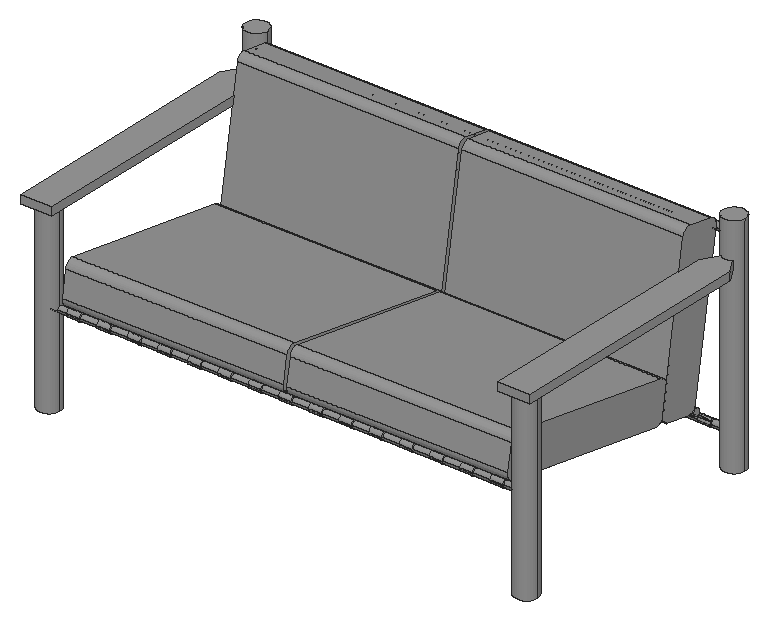
Revit family "13273 Диван «Eco lounge» Хоббика", category Антураж, Revit 2018
Family settings
  На основе рабочей плоскости = Нет
  Всегда вертикально = Да
  При загрузке вырезать с полостями = Нет
  Источник визуального образа = Геометрия семейства
  Общий = Нет
  Точка расчета площади = Нет
Parameters (values of type "Версия лиственница")
  Ширина = 900 mm  # constant formula
  Цвет подушек = Подушка
  Цвет отделки = Ангарская сосна
  Описание = if(Версия ангарская сосна, "Диван «Eco lounge». Версия ангарская сосна", "Диван «Eco lounge». Версия лиственница")  # "Диван «Eco lounge». Версия лиственница"
  Материал изделия = "Дерево"  # constant formula
  Изображение типоразмера = Диван «Eco lounge» Арт 13273.jpg
  Изготовитель = "ООО «Хоббика»"  # constant formula
  Длина = 1600 mm  # constant formula
  Группа модели = "Мебель для дома и террас"  # constant formula
  Высота = 710 mm  # constant formula
  Версия лиственница = not(Версия ангарская сосна)  # yes
  Версия ангарская сосна = no
  Артикул товара = "Арт 13273"  # constant formula
  URL = "https://hobbyka.ru/product/divan_eco_lounge"
Reference planes
  plane 1 "По центру (Вперед/Назад)": y = 0
  plane 2: z = 0
  plane 3 "По центру (Влево/Вправо)": x = 0
  plane 4: x = 1600
  plane 5: y = 900
  plane 6: z = 710
Forms (mm)
  Extrusion 1, solid, material "Ангарская сосна" <- "Цвет отделки"
    sketch origin (0, 0, 0) x (1, 0, 0) y (0, 1, 0)
      loop
        line (28.868, 835) -> (0, 785) -> (0, 0) -> (100, 0) -> (100, 785) -> (71.132, 835) -> (28.868, 835)
      loop
        line (1600, 0) -> (1600, 785) -> (1571.132, 835) -> (1528.868, 835) -> (1500, 785) -> (1500, 0) -> (1600, 0)
    from 575 to 600
  Extrusion 2, solid, material "Ангарская сосна" <- "Цвет отделки"
    sketch origin (0, 0, 0) x (1, 0, 0) y (0, 1, 0)
      loop
        circle (50, 865) r 35
      loop
        circle (1550, 865) r 35
    from 0 to 710
  Extrusion 3, solid, material "Ангарская сосна" <- "Цвет отделки"
    sketch origin (0, -815, 0) x (1, 0, 0) y (0, 1, 0)
      loop
        circle (50, 865) r 35
      loop
        circle (1550, 865) r 35
    from 0 to 575
  Extrusion 4, solid, material "Ангарская сосна" <- "Цвет отделки"
    sketch origin (0, 0, 0) x (0, 1, 0) y (0, 0, 1)
      loop
        circle (50, 287.5) r 10
      loop
        circle (865, 100) r 10
      loop
        circle (865, 660) r 10
    from 50 to 1550
  Extrusion 5, solid, material "Ангарская сосна" <- "Цвет отделки"
    sketch origin (0, 0, 0) x (0, 1, 0) y (0, 0, 1)
      loop
        circle (780.781, 172.368) r 10
    from 100 to 1500
  Extrusion 6, solid, material "Ткань дл якаркаса"
    sketch origin (0, 0, 0) x (0, 1, 0) y (0, 0, 1)
      loop
        circle (780.781, 172.368) r 10
      loop
        circle (865, 100) r 10
      loop
        circle (50, 287.5) r 10
      loop
        circle (865, 660) r 10
      loop
        arc (863.621, 649.08) -> (872.187, 651.81) -> (875.858, 660.016) r 11.005
        arc (875.858, 660.016) -> (864.939, 670.936) -> (854.019, 660.016) r 10.92
        arc (854.019, 660.016) -> (856.484, 653.06) -> (862.778, 649.208) r 11.047
        line (862.778, 649.208) -> (782.152, 183.23)
        arc (782.152, 183.23) -> (774.401, 181.273) -> (770.05, 174.565) r 10.94
        line (770.05, 174.565) -> (60.933, 286.284)
        arc (60.933, 286.284) -> (50.609, 298.483) -> (39, 287.5) r 11
        arc (39, 287.5) -> (48.892, 276.556) -> (60.777, 285.296) r 11
        line (60.777, 285.296) -> (769.895, 173.577)
        arc (769.895, 173.577) -> (776.253, 162.379) -> (788.88, 164.902) r 10.992
        line (788.88, 164.902) -> (856.34, 106.782)
        arc (856.34, 106.782) -> (861.413, 89.601) -> (876, 100) r 11
        arc (876, 100) -> (869.056, 110.225) -> (856.991, 107.541) r 11
        line (856.991, 107.541) -> (789.447, 165.58)
        arc (789.447, 165.58) -> (791.153, 168.761) -> (791.743, 172.322) r 11.046
        arc (791.743, 172.322) -> (789.325, 179.203) -> (783.134, 183.058) r 11
        line (783.134, 183.058) -> (863.621, 649.08)
    from 115 to 155
  Extrusion 7, solid, material "Ткань дл якаркаса"
    sketch origin (0, 0, 0) x (0, 1, 0) y (0, 0, 1)
      loop
        circle (780.781, 172.368) r 10
      loop
        circle (865, 100) r 10
      loop
        circle (50, 287.5) r 10
      loop
        circle (865, 660) r 10
      loop
        arc (863.621, 649.08) -> (872.187, 651.81) -> (875.858, 660.016) r 11.005
        arc (875.858, 660.016) -> (864.939, 670.936) -> (854.019, 660.016) r 10.92
        arc (854.019, 660.016) -> (856.484, 653.06) -> (862.778, 649.208) r 11.047
        line (862.778, 649.208) -> (782.152, 183.23)
        arc (782.152, 183.23) -> (774.401, 181.273) -> (770.05, 174.565) r 10.94
        line (770.05, 174.565) -> (60.933, 286.284)
        arc (60.933, 286.284) -> (50.609, 298.483) -> (39, 287.5) r 11
        arc (39, 287.5) -> (48.892, 276.556) -> (60.777, 285.296) r 11
        line (60.777, 285.296) -> (769.895, 173.577)
        arc (769.895, 173.577) -> (776.253, 162.379) -> (788.88, 164.902) r 10.992
        line (788.88, 164.902) -> (856.34, 106.782)
        arc (856.34, 106.782) -> (861.413, 89.601) -> (876, 100) r 11
        arc (876, 100) -> (869.056, 110.225) -> (856.991, 107.541) r 11
        line (856.991, 107.541) -> (789.447, 165.58)
        arc (789.447, 165.58) -> (791.153, 168.761) -> (791.743, 172.322) r 11.046
        arc (791.743, 172.322) -> (789.325, 179.203) -> (783.134, 183.058) r 11
        line (783.134, 183.058) -> (863.621, 649.08)
    from 210 to 250
  Extrusion 8, solid, material "Ткань дл якаркаса"
    sketch origin (0, 0, 0) x (0, 1, 0) y (0, 0, 1)
      loop
        circle (780.781, 172.368) r 10
      loop
        circle (865, 100) r 10
      loop
        circle (50, 287.5) r 10
      loop
        circle (865, 660) r 10
      loop
        arc (863.621, 649.08) -> (872.187, 651.81) -> (875.858, 660.016) r 11.005
        arc (875.858, 660.016) -> (864.939, 670.936) -> (854.019, 660.016) r 10.92
        arc (854.019, 660.016) -> (856.484, 653.06) -> (862.778, 649.208) r 11.047
        line (862.778, 649.208) -> (782.152, 183.23)
        arc (782.152, 183.23) -> (774.401, 181.273) -> (770.05, 174.565) r 10.94
        line (770.05, 174.565) -> (60.933, 286.284)
        arc (60.933, 286.284) -> (50.609, 298.483) -> (39, 287.5) r 11
        arc (39, 287.5) -> (48.892, 276.556) -> (60.777, 285.296) r 11
        line (60.777, 285.296) -> (769.895, 173.577)
        arc (769.895, 173.577) -> (776.253, 162.379) -> (788.88, 164.902) r 10.992
        line (788.88, 164.902) -> (856.34, 106.782)
        arc (856.34, 106.782) -> (861.413, 89.601) -> (876, 100) r 11
        arc (876, 100) -> (869.056, 110.225) -> (856.991, 107.541) r 11
        line (856.991, 107.541) -> (789.447, 165.58)
        arc (789.447, 165.58) -> (791.153, 168.761) -> (791.743, 172.322) r 11.046
        arc (791.743, 172.322) -> (789.325, 179.203) -> (783.134, 183.058) r 11
        line (783.134, 183.058) -> (863.621, 649.08)
    from 305 to 345
  Extrusion 9, solid, material "Ткань дл якаркаса"
    sketch origin (0, 0, 0) x (0, 1, 0) y (0, 0, 1)
      loop
        circle (780.781, 172.368) r 10
      loop
        circle (865, 100) r 10
      loop
        circle (50, 287.5) r 10
      loop
        circle (865, 660) r 10
      loop
        arc (863.621, 649.08) -> (872.187, 651.81) -> (875.858, 660.016) r 11.005
        arc (875.858, 660.016) -> (864.939, 670.936) -> (854.019, 660.016) r 10.92
        arc (854.019, 660.016) -> (856.484, 653.06) -> (862.778, 649.208) r 11.047
        line (862.778, 649.208) -> (782.152, 183.23)
        arc (782.152, 183.23) -> (774.401, 181.273) -> (770.05, 174.565) r 10.94
        line (770.05, 174.565) -> (60.933, 286.284)
        arc (60.933, 286.284) -> (50.609, 298.483) -> (39, 287.5) r 11
        arc (39, 287.5) -> (48.892, 276.556) -> (60.777, 285.296) r 11
        line (60.777, 285.296) -> (769.895, 173.577)
        arc (769.895, 173.577) -> (776.253, 162.379) -> (788.88, 164.902) r 10.992
        line (788.88, 164.902) -> (856.34, 106.782)
        arc (856.34, 106.782) -> (861.413, 89.601) -> (876, 100) r 11
        arc (876, 100) -> (869.056, 110.225) -> (856.991, 107.541) r 11
        line (856.991, 107.541) -> (789.447, 165.58)
        arc (789.447, 165.58) -> (791.153, 168.761) -> (791.743, 172.322) r 11.046
        arc (791.743, 172.322) -> (789.325, 179.203) -> (783.134, 183.058) r 11
        line (783.134, 183.058) -> (863.621, 649.08)
    from 400 to 440
  Extrusion 10, solid, material "Ткань дл якаркаса"
    sketch origin (0, 0, 0) x (0, 1, 0) y (0, 0, 1)
      loop
        circle (780.781, 172.368) r 10
      loop
        circle (865, 100) r 10
      loop
        circle (50, 287.5) r 10
      loop
        circle (865, 660) r 10
      loop
        arc (863.621, 649.08) -> (872.187, 651.81) -> (875.858, 660.016) r 11.005
        arc (875.858, 660.016) -> (864.939, 670.936) -> (854.019, 660.016) r 10.92
        arc (854.019, 660.016) -> (856.484, 653.06) -> (862.778, 649.208) r 11.047
        line (862.778, 649.208) -> (782.152, 183.23)
        arc (782.152, 183.23) -> (774.401, 181.273) -> (770.05, 174.565) r 10.94
        line (770.05, 174.565) -> (60.933, 286.284)
        arc (60.933, 286.284) -> (50.609, 298.483) -> (39, 287.5) r 11
        arc (39, 287.5) -> (48.892, 276.556) -> (60.777, 285.296) r 11
        line (60.777, 285.296) -> (769.895, 173.577)
        arc (769.895, 173.577) -> (776.253, 162.379) -> (788.88, 164.902) r 10.992
        line (788.88, 164.902) -> (856.34, 106.782)
        arc (856.34, 106.782) -> (861.413, 89.601) -> (876, 100) r 11
        arc (876, 100) -> (869.056, 110.225) -> (856.991, 107.541) r 11
        line (856.991, 107.541) -> (789.447, 165.58)
        arc (789.447, 165.58) -> (791.153, 168.761) -> (791.743, 172.322) r 11.046
        arc (791.743, 172.322) -> (789.325, 179.203) -> (783.134, 183.058) r 11
        line (783.134, 183.058) -> (863.621, 649.08)
    from 495 to 535
  Extrusion 11, solid, material "Ткань дл якаркаса"
    sketch origin (0, 0, 0) x (0, 1, 0) y (0, 0, 1)
      loop
        circle (780.781, 172.368) r 10
      loop
        circle (865, 100) r 10
      loop
        circle (50, 287.5) r 10
      loop
        circle (865, 660) r 10
      loop
        arc (863.621, 649.08) -> (872.187, 651.81) -> (875.858, 660.016) r 11.005
        arc (875.858, 660.016) -> (864.939, 670.936) -> (854.019, 660.016) r 10.92
        arc (854.019, 660.016) -> (856.484, 653.06) -> (862.778, 649.208) r 11.047
        line (862.778, 649.208) -> (782.152, 183.23)
        arc (782.152, 183.23) -> (774.401, 181.273) -> (770.05, 174.565) r 10.94
        line (770.05, 174.565) -> (60.933, 286.284)
        arc (60.933, 286.284) -> (50.609, 298.483) -> (39, 287.5) r 11
        arc (39, 287.5) -> (48.892, 276.556) -> (60.777, 285.296) r 11
        line (60.777, 285.296) -> (769.895, 173.577)
        arc (769.895, 173.577) -> (776.253, 162.379) -> (788.88, 164.902) r 10.992
        line (788.88, 164.902) -> (856.34, 106.782)
        arc (856.34, 106.782) -> (861.413, 89.601) -> (876, 100) r 11
        arc (876, 100) -> (869.056, 110.225) -> (856.991, 107.541) r 11
        line (856.991, 107.541) -> (789.447, 165.58)
        arc (789.447, 165.58) -> (791.153, 168.761) -> (791.743, 172.322) r 11.046
        arc (791.743, 172.322) -> (789.325, 179.203) -> (783.134, 183.058) r 11
        line (783.134, 183.058) -> (863.621, 649.08)
    from 590 to 630
  Extrusion 12, solid, material "Ткань дл якаркаса"
    sketch origin (0, 0, 0) x (0, 1, 0) y (0, 0, 1)
      loop
        circle (780.781, 172.368) r 10
      loop
        circle (865, 100) r 10
      loop
        circle (50, 287.5) r 10
      loop
        circle (865, 660) r 10
      loop
        arc (863.621, 649.08) -> (872.187, 651.81) -> (875.858, 660.016) r 11.005
        arc (875.858, 660.016) -> (864.939, 670.936) -> (854.019, 660.016) r 10.92
        arc (854.019, 660.016) -> (856.484, 653.06) -> (862.778, 649.208) r 11.047
        line (862.778, 649.208) -> (782.152, 183.23)
        arc (782.152, 183.23) -> (774.401, 181.273) -> (770.05, 174.565) r 10.94
        line (770.05, 174.565) -> (60.933, 286.284)
        arc (60.933, 286.284) -> (50.609, 298.483) -> (39, 287.5) r 11
        arc (39, 287.5) -> (48.892, 276.556) -> (60.777, 285.296) r 11
        line (60.777, 285.296) -> (769.895, 173.577)
        arc (769.895, 173.577) -> (776.253, 162.379) -> (788.88, 164.902) r 10.992
        line (788.88, 164.902) -> (856.34, 106.782)
        arc (856.34, 106.782) -> (861.413, 89.601) -> (876, 100) r 11
        arc (876, 100) -> (869.056, 110.225) -> (856.991, 107.541) r 11
        line (856.991, 107.541) -> (789.447, 165.58)
        arc (789.447, 165.58) -> (791.153, 168.761) -> (791.743, 172.322) r 11.046
        arc (791.743, 172.322) -> (789.325, 179.203) -> (783.134, 183.058) r 11
        line (783.134, 183.058) -> (863.621, 649.08)
    from 685 to 725
  Extrusion 13, solid, material "Ткань дл якаркаса"
    sketch origin (0, 0, 0) x (0, 1, 0) y (0, 0, 1)
      loop
        circle (780.781, 172.368) r 10
      loop
        circle (865, 100) r 10
      loop
        circle (50, 287.5) r 10
      loop
        circle (865, 660) r 10
      loop
        arc (863.621, 649.08) -> (872.187, 651.81) -> (875.858, 660.016) r 11.005
        arc (875.858, 660.016) -> (864.939, 670.936) -> (854.019, 660.016) r 10.92
        arc (854.019, 660.016) -> (856.484, 653.06) -> (862.778, 649.208) r 11.047
        line (862.778, 649.208) -> (782.152, 183.23)
        arc (782.152, 183.23) -> (774.401, 181.273) -> (770.05, 174.565) r 10.94
        line (770.05, 174.565) -> (60.933, 286.284)
        arc (60.933, 286.284) -> (50.609, 298.483) -> (39, 287.5) r 11
        arc (39, 287.5) -> (48.892, 276.556) -> (60.777, 285.296) r 11
        line (60.777, 285.296) -> (769.895, 173.577)
        arc (769.895, 173.577) -> (776.253, 162.379) -> (788.88, 164.902) r 10.992
        line (788.88, 164.902) -> (856.34, 106.782)
        arc (856.34, 106.782) -> (861.413, 89.601) -> (876, 100) r 11
        arc (876, 100) -> (869.056, 110.225) -> (856.991, 107.541) r 11
        line (856.991, 107.541) -> (789.447, 165.58)
        arc (789.447, 165.58) -> (791.153, 168.761) -> (791.743, 172.322) r 11.046
        arc (791.743, 172.322) -> (789.325, 179.203) -> (783.134, 183.058) r 11
        line (783.134, 183.058) -> (863.621, 649.08)
    from 780 to 820
  Extrusion 14, solid, material "Подушка" <- "Цвет подушек"
    sketch origin (0, -60.914, 59.335) x (0, 0.999983, 0.005795) y (0, -0.005795, 0.999983)
      loop
        arc (919.849, 601.884) -> (915.756, 620.575) -> (899.644, 630.897) r 25
        line (899.644, 630.897) -> (820.895, 644.989)
        arc (820.895, 644.989) -> (802.204, 640.895) -> (791.882, 624.783) r 25
        line (791.882, 624.783) -> (708.212, 157.211)
        arc (708.212, 157.211) -> (712.306, 138.52) -> (728.417, 128.198) r 25
        line (728.417, 128.198) -> (807.166, 114.106)
        arc (807.166, 114.106) -> (825.857, 118.2) -> (836.179, 134.311) r 25
        line (836.179, 134.311) -> (919.849, 601.884)
    from 100 to 795
  Extrusion 15, solid, material "Подушка" <- "Цвет подушек"
    sketch origin (0, 779.41, -506.335) x (0, -0.006483, 0.999979) y (0, -0.999979, -0.006483)
      loop
        arc (935.703, 690.477) -> (931.609, 709.168) -> (915.497, 719.49) r 25
        line (915.497, 719.49) -> (836.748, 733.582)
        arc (836.748, 733.582) -> (818.057, 729.488) -> (807.736, 713.376) r 25
        line (807.736, 713.376) -> (708.212, 157.211)
        arc (708.212, 157.211) -> (712.306, 138.52) -> (728.417, 128.198) r 25
        line (728.417, 128.198) -> (807.166, 114.106)
        arc (807.166, 114.106) -> (825.857, 118.2) -> (836.179, 134.311) r 25
        line (836.179, 134.311) -> (935.703, 690.477)
    from 100 to 795
  Extrusion 16, solid, material "Подушка" <- "Цвет подушек"
    sketch origin (0, -60.914, 59.335) x (0, 0.999983, 0.005795) y (0, -0.005795, 0.999983)
      loop
        arc (919.849, 601.884) -> (915.756, 620.575) -> (899.644, 630.897) r 25
        line (899.644, 630.897) -> (820.895, 644.989)
        arc (820.895, 644.989) -> (802.204, 640.895) -> (791.882, 624.783) r 25
        line (791.882, 624.783) -> (708.212, 157.211)
        arc (708.212, 157.211) -> (712.306, 138.52) -> (728.417, 128.198) r 25
        line (728.417, 128.198) -> (807.166, 114.106)
        arc (807.166, 114.106) -> (825.857, 118.2) -> (836.179, 134.311) r 25
        line (836.179, 134.311) -> (919.849, 601.884)
    from 805 to 1500
  Extrusion 17, solid, material "Подушка" <- "Цвет подушек"
    sketch origin (0, 779.41, -506.335) x (0, -0.006483, 0.999979) y (0, -0.999979, -0.006483)
      loop
        arc (935.703, 690.477) -> (931.609, 709.168) -> (915.497, 719.49) r 25
        line (915.497, 719.49) -> (836.748, 733.582)
        arc (836.748, 733.582) -> (818.057, 729.488) -> (807.736, 713.376) r 25
        line (807.736, 713.376) -> (708.212, 157.211)
        arc (708.212, 157.211) -> (712.306, 138.52) -> (728.417, 128.198) r 25
        line (728.417, 128.198) -> (807.166, 114.106)
        arc (807.166, 114.106) -> (825.857, 118.2) -> (836.179, 134.311) r 25
        line (836.179, 134.311) -> (935.703, 690.477)
    from 805 to 1500
  Extrusion 18, solid, material "Ткань дл якаркаса"
    sketch origin (0, 0, 0) x (0, 1, 0) y (0, 0, 1)
      loop
        circle (780.781, 172.368) r 10
      loop
        circle (865, 100) r 10
      loop
        circle (50, 287.5) r 10
      loop
        circle (865, 660) r 10
      loop
        arc (863.621, 649.08) -> (872.187, 651.81) -> (875.858, 660.016) r 11.005
        arc (875.858, 660.016) -> (864.939, 670.936) -> (854.019, 660.016) r 10.92
        arc (854.019, 660.016) -> (856.484, 653.06) -> (862.778, 649.208) r 11.047
        line (862.778, 649.208) -> (782.152, 183.23)
        arc (782.152, 183.23) -> (774.401, 181.273) -> (770.05, 174.565) r 10.94
        line (770.05, 174.565) -> (60.933, 286.284)
        arc (60.933, 286.284) -> (50.609, 298.483) -> (39, 287.5) r 11
        arc (39, 287.5) -> (48.892, 276.556) -> (60.777, 285.296) r 11
        line (60.777, 285.296) -> (769.895, 173.577)
        arc (769.895, 173.577) -> (776.253, 162.379) -> (788.88, 164.902) r 10.992
        line (788.88, 164.902) -> (856.34, 106.782)
        arc (856.34, 106.782) -> (861.413, 89.601) -> (876, 100) r 11
        arc (876, 100) -> (869.056, 110.225) -> (856.991, 107.541) r 11
        line (856.991, 107.541) -> (789.447, 165.58)
        arc (789.447, 165.58) -> (791.153, 168.761) -> (791.743, 172.322) r 11.046
        arc (791.743, 172.322) -> (789.325, 179.203) -> (783.134, 183.058) r 11
        line (783.134, 183.058) -> (863.621, 649.08)
    from 875 to 915
  Extrusion 19, solid, material "Ткань дл якаркаса"
    sketch origin (0, 0, 0) x (0, 1, 0) y (0, 0, 1)
      loop
        circle (780.781, 172.368) r 10
      loop
        circle (865, 100) r 10
      loop
        circle (50, 287.5) r 10
      loop
        circle (865, 660) r 10
      loop
        arc (863.621, 649.08) -> (872.187, 651.81) -> (875.858, 660.016) r 11.005
        arc (875.858, 660.016) -> (864.939, 670.936) -> (854.019, 660.016) r 10.92
        arc (854.019, 660.016) -> (856.484, 653.06) -> (862.778, 649.208) r 11.047
        line (862.778, 649.208) -> (782.152, 183.23)
        arc (782.152, 183.23) -> (774.401, 181.273) -> (770.05, 174.565) r 10.94
        line (770.05, 174.565) -> (60.933, 286.284)
        arc (60.933, 286.284) -> (50.609, 298.483) -> (39, 287.5) r 11
        arc (39, 287.5) -> (48.892, 276.556) -> (60.777, 285.296) r 11
        line (60.777, 285.296) -> (769.895, 173.577)
        arc (769.895, 173.577) -> (776.253, 162.379) -> (788.88, 164.902) r 10.992
        line (788.88, 164.902) -> (856.34, 106.782)
        arc (856.34, 106.782) -> (861.413, 89.601) -> (876, 100) r 11
        arc (876, 100) -> (869.056, 110.225) -> (856.991, 107.541) r 11
        line (856.991, 107.541) -> (789.447, 165.58)
        arc (789.447, 165.58) -> (791.153, 168.761) -> (791.743, 172.322) r 11.046
        arc (791.743, 172.322) -> (789.325, 179.203) -> (783.134, 183.058) r 11
        line (783.134, 183.058) -> (863.621, 649.08)
    from 970 to 1010
  Extrusion 20, solid, material "Ткань дл якаркаса"
    sketch origin (0, 0, 0) x (0, 1, 0) y (0, 0, 1)
      loop
        circle (780.781, 172.368) r 10
      loop
        circle (865, 100) r 10
      loop
        circle (50, 287.5) r 10
      loop
        circle (865, 660) r 10
      loop
        arc (863.621, 649.08) -> (872.187, 651.81) -> (875.858, 660.016) r 11.005
        arc (875.858, 660.016) -> (864.939, 670.936) -> (854.019, 660.016) r 10.92
        arc (854.019, 660.016) -> (856.484, 653.06) -> (862.778, 649.208) r 11.047
        line (862.778, 649.208) -> (782.152, 183.23)
        arc (782.152, 183.23) -> (774.401, 181.273) -> (770.05, 174.565) r 10.94
        line (770.05, 174.565) -> (60.933, 286.284)
        arc (60.933, 286.284) -> (50.609, 298.483) -> (39, 287.5) r 11
        arc (39, 287.5) -> (48.892, 276.556) -> (60.777, 285.296) r 11
        line (60.777, 285.296) -> (769.895, 173.577)
        arc (769.895, 173.577) -> (776.253, 162.379) -> (788.88, 164.902) r 10.992
        line (788.88, 164.902) -> (856.34, 106.782)
        arc (856.34, 106.782) -> (861.413, 89.601) -> (876, 100) r 11
        arc (876, 100) -> (869.056, 110.225) -> (856.991, 107.541) r 11
        line (856.991, 107.541) -> (789.447, 165.58)
        arc (789.447, 165.58) -> (791.153, 168.761) -> (791.743, 172.322) r 11.046
        arc (791.743, 172.322) -> (789.325, 179.203) -> (783.134, 183.058) r 11
        line (783.134, 183.058) -> (863.621, 649.08)
    from 1065 to 1105
  Extrusion 21, solid, material "Ткань дл якаркаса"
    sketch origin (0, 0, 0) x (0, 1, 0) y (0, 0, 1)
      loop
        circle (780.781, 172.368) r 10
      loop
        circle (865, 100) r 10
      loop
        circle (50, 287.5) r 10
      loop
        circle (865, 660) r 10
      loop
        arc (863.621, 649.08) -> (872.187, 651.81) -> (875.858, 660.016) r 11.005
        arc (875.858, 660.016) -> (864.939, 670.936) -> (854.019, 660.016) r 10.92
        arc (854.019, 660.016) -> (856.484, 653.06) -> (862.778, 649.208) r 11.047
        line (862.778, 649.208) -> (782.152, 183.23)
        arc (782.152, 183.23) -> (774.401, 181.273) -> (770.05, 174.565) r 10.94
        line (770.05, 174.565) -> (60.933, 286.284)
        arc (60.933, 286.284) -> (50.609, 298.483) -> (39, 287.5) r 11
        arc (39, 287.5) -> (48.892, 276.556) -> (60.777, 285.296) r 11
        line (60.777, 285.296) -> (769.895, 173.577)
        arc (769.895, 173.577) -> (776.253, 162.379) -> (788.88, 164.902) r 10.992
        line (788.88, 164.902) -> (856.34, 106.782)
        arc (856.34, 106.782) -> (861.413, 89.601) -> (876, 100) r 11
        arc (876, 100) -> (869.056, 110.225) -> (856.991, 107.541) r 11
        line (856.991, 107.541) -> (789.447, 165.58)
        arc (789.447, 165.58) -> (791.153, 168.761) -> (791.743, 172.322) r 11.046
        arc (791.743, 172.322) -> (789.325, 179.203) -> (783.134, 183.058) r 11
        line (783.134, 183.058) -> (863.621, 649.08)
    from 1160 to 1200
  Extrusion 22, solid, material "Ткань дл якаркаса"
    sketch origin (0, 0, 0) x (0, 1, 0) y (0, 0, 1)
      loop
        circle (780.781, 172.368) r 10
      loop
        circle (865, 100) r 10
      loop
        circle (50, 287.5) r 10
      loop
        circle (865, 660) r 10
      loop
        arc (863.621, 649.08) -> (872.187, 651.81) -> (875.858, 660.016) r 11.005
        arc (875.858, 660.016) -> (864.939, 670.936) -> (854.019, 660.016) r 10.92
        arc (854.019, 660.016) -> (856.484, 653.06) -> (862.778, 649.208) r 11.047
        line (862.778, 649.208) -> (782.152, 183.23)
        arc (782.152, 183.23) -> (774.401, 181.273) -> (770.05, 174.565) r 10.94
        line (770.05, 174.565) -> (60.933, 286.284)
        arc (60.933, 286.284) -> (50.609, 298.483) -> (39, 287.5) r 11
        arc (39, 287.5) -> (48.892, 276.556) -> (60.777, 285.296) r 11
        line (60.777, 285.296) -> (769.895, 173.577)
        arc (769.895, 173.577) -> (776.253, 162.379) -> (788.88, 164.902) r 10.992
        line (788.88, 164.902) -> (856.34, 106.782)
        arc (856.34, 106.782) -> (861.413, 89.601) -> (876, 100) r 11
        arc (876, 100) -> (869.056, 110.225) -> (856.991, 107.541) r 11
        line (856.991, 107.541) -> (789.447, 165.58)
        arc (789.447, 165.58) -> (791.153, 168.761) -> (791.743, 172.322) r 11.046
        arc (791.743, 172.322) -> (789.325, 179.203) -> (783.134, 183.058) r 11
        line (783.134, 183.058) -> (863.621, 649.08)
    from 1255 to 1295
  Extrusion 23, solid, material "Ткань дл якаркаса"
    sketch origin (0, 0, 0) x (0, 1, 0) y (0, 0, 1)
      loop
        circle (780.781, 172.368) r 10
      loop
        circle (865, 100) r 10
      loop
        circle (50, 287.5) r 10
      loop
        circle (865, 660) r 10
      loop
        arc (863.621, 649.08) -> (872.187, 651.81) -> (875.858, 660.016) r 11.005
        arc (875.858, 660.016) -> (864.939, 670.936) -> (854.019, 660.016) r 10.92
        arc (854.019, 660.016) -> (856.484, 653.06) -> (862.778, 649.208) r 11.047
        line (862.778, 649.208) -> (782.152, 183.23)
        arc (782.152, 183.23) -> (774.401, 181.273) -> (770.05, 174.565) r 10.94
        line (770.05, 174.565) -> (60.933, 286.284)
        arc (60.933, 286.284) -> (50.609, 298.483) -> (39, 287.5) r 11
        arc (39, 287.5) -> (48.892, 276.556) -> (60.777, 285.296) r 11
        line (60.777, 285.296) -> (769.895, 173.577)
        arc (769.895, 173.577) -> (776.253, 162.379) -> (788.88, 164.902) r 10.992
        line (788.88, 164.902) -> (856.34, 106.782)
        arc (856.34, 106.782) -> (861.413, 89.601) -> (876, 100) r 11
        arc (876, 100) -> (869.056, 110.225) -> (856.991, 107.541) r 11
        line (856.991, 107.541) -> (789.447, 165.58)
        arc (789.447, 165.58) -> (791.153, 168.761) -> (791.743, 172.322) r 11.046
        arc (791.743, 172.322) -> (789.325, 179.203) -> (783.134, 183.058) r 11
        line (783.134, 183.058) -> (863.621, 649.08)
    from 1350 to 1390
  Extrusion 24, solid, material "Ткань дл якаркаса"
    sketch origin (0, 0, 0) x (0, 1, 0) y (0, 0, 1)
      loop
        circle (780.781, 172.368) r 10
      loop
        circle (865, 100) r 10
      loop
        circle (50, 287.5) r 10
      loop
        circle (865, 660) r 10
      loop
        arc (863.621, 649.08) -> (872.187, 651.81) -> (875.858, 660.016) r 11.005
        arc (875.858, 660.016) -> (864.939, 670.936) -> (854.019, 660.016) r 10.92
        arc (854.019, 660.016) -> (856.484, 653.06) -> (862.778, 649.208) r 11.047
        line (862.778, 649.208) -> (782.152, 183.23)
        arc (782.152, 183.23) -> (774.401, 181.273) -> (770.05, 174.565) r 10.94
        line (770.05, 174.565) -> (60.933, 286.284)
        arc (60.933, 286.284) -> (50.609, 298.483) -> (39, 287.5) r 11
        arc (39, 287.5) -> (48.892, 276.556) -> (60.777, 285.296) r 11
        line (60.777, 285.296) -> (769.895, 173.577)
        arc (769.895, 173.577) -> (776.253, 162.379) -> (788.88, 164.902) r 10.992
        line (788.88, 164.902) -> (856.34, 106.782)
        arc (856.34, 106.782) -> (861.413, 89.601) -> (876, 100) r 11
        arc (876, 100) -> (869.056, 110.225) -> (856.991, 107.541) r 11
        line (856.991, 107.541) -> (789.447, 165.58)
        arc (789.447, 165.58) -> (791.153, 168.761) -> (791.743, 172.322) r 11.046
        arc (791.743, 172.322) -> (789.325, 179.203) -> (783.134, 183.058) r 11
        line (783.134, 183.058) -> (863.621, 649.08)
    from 1445 to 1485
Cuts and joins
  joined: Extrusion 1, Extrusion 2, Extrusion 3
Lines and regions (mm)
  symbolic lines
    curve 1: line (1485, 728.005, 0) -> (1485, 988.005, 0)
Dimensions and locks
  "Ширина": plane 5 to plane 1 "По центру (Вперед/Назад)"
  "Длина": plane 3 "По центру (Влево/Вправо)" to plane 4
  "Высота": plane 6 to plane 2
  aligned and locked: level to plane 2
Automatic sketch dimensions
  curve 1 to plane 4 = 115 mm
  curve 1 to plane 5 = 171.995 mm
  plane 5 to curve 1 = 88.005 mm
  plane 1 "По центру (Вперед/Назад)" to Extrusion 1 sketch curve = 0 mm  (x2)
  Extrusion 1 sketch curve to plane 3 "По центру (Влево/Вправо)" = 0 mm
  Extrusion 1 sketch curve to plane 4 = 0 mm
  plane 3 "По центру (Влево/Вправо)" to Extrusion 1 sketch curve = 28.868 mm
  Extrusion 1 sketch curve to Extrusion 1 sketch curve = 42.265 mm
  plane 3 "По центру (Влево/Вправо)" to Extrusion 1 sketch curve = 100 mm
  Extrusion 1 sketch curve to plane 4 = 100 mm
  Extrusion 1 sketch curve to Extrusion 1 sketch curve = 28.868 mm
  Extrusion 1 sketch curve to plane 4 = 28.868 mm
  Extrusion 1 sketch curve to plane 5 = 115 mm  (x2)
  Extrusion 1 sketch curve to Extrusion 1 sketch curve = 0 mm  (x2)
  Extrusion 1 sketch curve to Extrusion 1 sketch curve = 50 mm  (x2)
  plane 3 "По центру (Влево/Вправо)" to Extrusion 2 sketch curve = 50 mm
  Extrusion 2 sketch curve to plane 4 = 50 mm
  Extrusion 2 sketch curve to plane 5 = 35 mm  (x2)
  plane 3 "По центру (Влево/Вправо)" to Extrusion 3 sketch curve = 50 mm
  Extrusion 3 sketch curve to plane 4 = 50 mm
  Extrusion 3 sketch curve to plane 1 "По центру (Вперед/Назад)" = 50 mm  (x2)
  Extrusion 4 sketch curve to plane 1 "По центру (Вперед/Назад)" = 50 mm
  Extrusion 4 sketch curve to plane 5 = 35 mm  (x2)
  level to Extrusion 4 sketch curve = 100 mm
  level to Extrusion 4 sketch curve = 287.5 mm
  Extrusion 4 sketch curve to plane 6 = 50 mm
  Extrusion 5 sketch curve to plane 5 = 119.219 mm
  level to Extrusion 5 sketch curve = 172.368 mm
  Extrusion 6 sketch curve to Extrusion 6 sketch curve = 0 mm  (x28)
  Extrusion 6 sketch curve to plane 1 "По центру (Вперед/Назад)" = 50 mm
  Extrusion 6 sketch curve to Extrusion 6 sketch curve = 10.777 mm
  Extrusion 6 sketch curve to Extrusion 6 sketch curve = 0.156 mm
  Extrusion 6 sketch curve to plane 5 = 130.105 mm
  Extrusion 6 sketch curve to Extrusion 6 sketch curve = 0.155 mm
  Extrusion 6 sketch curve to Extrusion 6 sketch curve = 10.802 mm
  Extrusion 6 sketch curve to Extrusion 6 sketch curve = 0.046 mm
  Extrusion 6 sketch curve to Extrusion 6 sketch curve = 0.026 mm
  Extrusion 6 sketch curve to Extrusion 6 sketch curve = 0.011 mm
  Extrusion 6 sketch curve to Extrusion 6 sketch curve = 0.041 mm
  Extrusion 6 sketch curve to Extrusion 6 sketch curve = 1.331 mm
  Extrusion 6 sketch curve to Extrusion 6 sketch curve = 0.982 mm
  Extrusion 6 sketch curve to Extrusion 6 sketch curve = 8.059 mm
  Extrusion 6 sketch curve to Extrusion 6 sketch curve = 0.567 mm
  Extrusion 6 sketch curve to plane 5 = 43.66 mm
  Extrusion 6 sketch curve to Extrusion 6 sketch curve = 0.652 mm
  Extrusion 6 sketch curve to plane 5 = 37.222 mm
  Extrusion 6 sketch curve to Extrusion 6 sketch curve = 0.843 mm
  Extrusion 6 sketch curve to Extrusion 6 sketch curve = 1.232 mm
  Extrusion 6 sketch curve to Extrusion 6 sketch curve = 0.086 mm
  Extrusion 6 sketch curve to Extrusion 6 sketch curve = 8.009 mm
  Extrusion 6 sketch curve to Extrusion 6 sketch curve = 0.061 mm
  Extrusion 6 sketch curve to Extrusion 6 sketch curve = 0.067 mm
  level to Extrusion 6 sketch curve = 100 mm
  Extrusion 6 sketch curve to Extrusion 6 sketch curve = 6.782 mm
  Extrusion 6 sketch curve to Extrusion 6 sketch curve = 58.12 mm
  Extrusion 6 sketch curve to Extrusion 6 sketch curve = 0.678 mm
  Extrusion 6 sketch curve to Extrusion 6 sketch curve = 6.741 mm
  Extrusion 6 sketch curve to Extrusion 6 sketch curve = 0.047 mm
  Extrusion 6 sketch curve to Extrusion 6 sketch curve = 0.009 mm  (x2)
  Extrusion 6 sketch curve to Extrusion 6 sketch curve = 0.988 mm  (x2)
  level to Extrusion 6 sketch curve = 285.296 mm
  Extrusion 6 sketch curve to plane 6 = 60.92 mm
  Extrusion 6 sketch curve to Extrusion 6 sketch curve = 0.128 mm
  Extrusion 6 sketch curve to Extrusion 6 sketch curve = 0.016 mm
  Extrusion 6 sketch curve to Extrusion 6 sketch curve = 1 mm
  Extrusion 6 sketch curve to Extrusion 6 sketch curve = 0.886 mm
  Extrusion 6 sketch curve to Extrusion 6 sketch curve = 1.34 mm
  Extrusion 6 sketch curve to Extrusion 6 sketch curve = 0.981 mm
  Extrusion 7 sketch curve to Extrusion 7 sketch curve = 0 mm  (x28)
  Extrusion 7 sketch curve to plane 1 "По центру (Вперед/Назад)" = 50 mm
  Extrusion 7 sketch curve to Extrusion 7 sketch curve = 10.777 mm
  Extrusion 7 sketch curve to Extrusion 7 sketch curve = 0.156 mm
  Extrusion 7 sketch curve to plane 5 = 130.105 mm
  Extrusion 7 sketch curve to Extrusion 7 sketch curve = 0.155 mm
  Extrusion 7 sketch curve to Extrusion 7 sketch curve = 10.802 mm
  Extrusion 7 sketch curve to Extrusion 7 sketch curve = 0.046 mm
  Extrusion 7 sketch curve to Extrusion 7 sketch curve = 0.026 mm
  Extrusion 7 sketch curve to Extrusion 7 sketch curve = 0.011 mm
  Extrusion 7 sketch curve to Extrusion 7 sketch curve = 0.041 mm
  Extrusion 7 sketch curve to Extrusion 7 sketch curve = 1.331 mm
  Extrusion 7 sketch curve to Extrusion 7 sketch curve = 0.982 mm
  Extrusion 7 sketch curve to Extrusion 7 sketch curve = 8.059 mm
  Extrusion 7 sketch curve to Extrusion 7 sketch curve = 0.567 mm
  Extrusion 7 sketch curve to plane 5 = 43.66 mm
  Extrusion 7 sketch curve to Extrusion 7 sketch curve = 0.652 mm
  Extrusion 7 sketch curve to plane 5 = 37.222 mm
  Extrusion 7 sketch curve to Extrusion 7 sketch curve = 0.843 mm
  Extrusion 7 sketch curve to Extrusion 7 sketch curve = 1.232 mm
  Extrusion 7 sketch curve to Extrusion 7 sketch curve = 0.086 mm
  Extrusion 7 sketch curve to Extrusion 7 sketch curve = 8.009 mm
  Extrusion 7 sketch curve to Extrusion 7 sketch curve = 0.061 mm
  Extrusion 7 sketch curve to Extrusion 7 sketch curve = 0.067 mm
  level to Extrusion 7 sketch curve = 100 mm
  Extrusion 7 sketch curve to Extrusion 7 sketch curve = 6.782 mm
  Extrusion 7 sketch curve to Extrusion 7 sketch curve = 58.12 mm
  Extrusion 7 sketch curve to Extrusion 7 sketch curve = 0.678 mm
  Extrusion 7 sketch curve to Extrusion 7 sketch curve = 6.741 mm
  Extrusion 7 sketch curve to Extrusion 7 sketch curve = 0.047 mm
  Extrusion 7 sketch curve to Extrusion 7 sketch curve = 0.009 mm  (x2)
  Extrusion 7 sketch curve to Extrusion 7 sketch curve = 0.988 mm  (x2)
  level to Extrusion 7 sketch curve = 285.296 mm
  Extrusion 7 sketch curve to plane 6 = 60.92 mm
  Extrusion 7 sketch curve to Extrusion 7 sketch curve = 0.128 mm
  Extrusion 7 sketch curve to Extrusion 7 sketch curve = 0.016 mm
  Extrusion 7 sketch curve to Extrusion 7 sketch curve = 1 mm
  Extrusion 7 sketch curve to Extrusion 7 sketch curve = 0.886 mm
  Extrusion 7 sketch curve to Extrusion 7 sketch curve = 1.34 mm
  Extrusion 7 sketch curve to Extrusion 7 sketch curve = 0.981 mm
  Extrusion 8 sketch curve to Extrusion 8 sketch curve = 0 mm  (x28)
  Extrusion 8 sketch curve to plane 1 "По центру (Вперед/Назад)" = 50 mm
  Extrusion 8 sketch curve to Extrusion 8 sketch curve = 10.777 mm
  Extrusion 8 sketch curve to Extrusion 8 sketch curve = 0.156 mm
  Extrusion 8 sketch curve to plane 5 = 130.105 mm
  Extrusion 8 sketch curve to Extrusion 8 sketch curve = 0.155 mm
  Extrusion 8 sketch curve to Extrusion 8 sketch curve = 10.802 mm
  Extrusion 8 sketch curve to Extrusion 8 sketch curve = 0.046 mm
  Extrusion 8 sketch curve to Extrusion 8 sketch curve = 0.026 mm
  Extrusion 8 sketch curve to Extrusion 8 sketch curve = 0.011 mm
  Extrusion 8 sketch curve to Extrusion 8 sketch curve = 0.041 mm
  Extrusion 8 sketch curve to Extrusion 8 sketch curve = 1.331 mm
  Extrusion 8 sketch curve to Extrusion 8 sketch curve = 0.982 mm
  Extrusion 8 sketch curve to Extrusion 8 sketch curve = 8.059 mm
  Extrusion 8 sketch curve to Extrusion 8 sketch curve = 0.567 mm
  Extrusion 8 sketch curve to plane 5 = 43.66 mm
  Extrusion 8 sketch curve to Extrusion 8 sketch curve = 0.652 mm
  Extrusion 8 sketch curve to plane 5 = 37.222 mm
  Extrusion 8 sketch curve to Extrusion 8 sketch curve = 0.843 mm
  Extrusion 8 sketch curve to Extrusion 8 sketch curve = 1.232 mm
  Extrusion 8 sketch curve to Extrusion 8 sketch curve = 0.086 mm
  Extrusion 8 sketch curve to Extrusion 8 sketch curve = 8.009 mm
  Extrusion 8 sketch curve to Extrusion 8 sketch curve = 0.061 mm
  Extrusion 8 sketch curve to Extrusion 8 sketch curve = 0.067 mm
  level to Extrusion 8 sketch curve = 100 mm
  Extrusion 8 sketch curve to Extrusion 8 sketch curve = 6.782 mm
  Extrusion 8 sketch curve to Extrusion 8 sketch curve = 58.12 mm
  Extrusion 8 sketch curve to Extrusion 8 sketch curve = 0.678 mm
  Extrusion 8 sketch curve to Extrusion 8 sketch curve = 6.741 mm
  Extrusion 8 sketch curve to Extrusion 8 sketch curve = 0.047 mm
  Extrusion 8 sketch curve to Extrusion 8 sketch curve = 0.009 mm  (x2)
  Extrusion 8 sketch curve to Extrusion 8 sketch curve = 0.988 mm  (x2)
  level to Extrusion 8 sketch curve = 285.296 mm
  Extrusion 8 sketch curve to plane 6 = 60.92 mm
  Extrusion 8 sketch curve to Extrusion 8 sketch curve = 0.128 mm
  Extrusion 8 sketch curve to Extrusion 8 sketch curve = 0.016 mm
  Extrusion 8 sketch curve to Extrusion 8 sketch curve = 1 mm
  Extrusion 8 sketch curve to Extrusion 8 sketch curve = 0.886 mm
  Extrusion 8 sketch curve to Extrusion 8 sketch curve = 1.34 mm
  Extrusion 8 sketch curve to Extrusion 8 sketch curve = 0.981 mm
  Extrusion 9 sketch curve to Extrusion 9 sketch curve = 0 mm  (x28)
  Extrusion 9 sketch curve to plane 1 "По центру (Вперед/Назад)" = 50 mm
  Extrusion 9 sketch curve to Extrusion 9 sketch curve = 10.777 mm
  Extrusion 9 sketch curve to Extrusion 9 sketch curve = 0.156 mm
  Extrusion 9 sketch curve to plane 5 = 130.105 mm
  Extrusion 9 sketch curve to Extrusion 9 sketch curve = 0.155 mm
  Extrusion 9 sketch curve to Extrusion 9 sketch curve = 10.802 mm
  Extrusion 9 sketch curve to Extrusion 9 sketch curve = 0.046 mm
  Extrusion 9 sketch curve to Extrusion 9 sketch curve = 0.026 mm
  Extrusion 9 sketch curve to Extrusion 9 sketch curve = 0.011 mm
  Extrusion 9 sketch curve to Extrusion 9 sketch curve = 0.041 mm
  Extrusion 9 sketch curve to Extrusion 9 sketch curve = 1.331 mm
  Extrusion 9 sketch curve to Extrusion 9 sketch curve = 0.982 mm
  Extrusion 9 sketch curve to Extrusion 9 sketch curve = 8.059 mm
  Extrusion 9 sketch curve to Extrusion 9 sketch curve = 0.567 mm
  Extrusion 9 sketch curve to plane 5 = 43.66 mm
  Extrusion 9 sketch curve to Extrusion 9 sketch curve = 0.652 mm
  Extrusion 9 sketch curve to plane 5 = 37.222 mm
  Extrusion 9 sketch curve to Extrusion 9 sketch curve = 0.843 mm
  Extrusion 9 sketch curve to Extrusion 9 sketch curve = 1.232 mm
  Extrusion 9 sketch curve to Extrusion 9 sketch curve = 0.086 mm
  Extrusion 9 sketch curve to Extrusion 9 sketch curve = 8.009 mm
  Extrusion 9 sketch curve to Extrusion 9 sketch curve = 0.061 mm
  Extrusion 9 sketch curve to Extrusion 9 sketch curve = 0.067 mm
  level to Extrusion 9 sketch curve = 100 mm
  Extrusion 9 sketch curve to Extrusion 9 sketch curve = 6.782 mm
  Extrusion 9 sketch curve to Extrusion 9 sketch curve = 58.12 mm
  Extrusion 9 sketch curve to Extrusion 9 sketch curve = 0.678 mm
  Extrusion 9 sketch curve to Extrusion 9 sketch curve = 6.741 mm
  Extrusion 9 sketch curve to Extrusion 9 sketch curve = 0.047 mm
  Extrusion 9 sketch curve to Extrusion 9 sketch curve = 0.009 mm  (x2)
  Extrusion 9 sketch curve to Extrusion 9 sketch curve = 0.988 mm  (x2)
  level to Extrusion 9 sketch curve = 285.296 mm
  Extrusion 9 sketch curve to plane 6 = 60.92 mm
  Extrusion 9 sketch curve to Extrusion 9 sketch curve = 0.128 mm
  Extrusion 9 sketch curve to Extrusion 9 sketch curve = 0.016 mm
  Extrusion 9 sketch curve to Extrusion 9 sketch curve = 1 mm
  Extrusion 9 sketch curve to Extrusion 9 sketch curve = 0.886 mm
  Extrusion 9 sketch curve to Extrusion 9 sketch curve = 1.34 mm
  Extrusion 9 sketch curve to Extrusion 9 sketch curve = 0.981 mm
  Extrusion 10 sketch curve to Extrusion 10 sketch curve = 0 mm  (x28)
  Extrusion 10 sketch curve to plane 1 "По центру (Вперед/Назад)" = 50 mm
  Extrusion 10 sketch curve to Extrusion 10 sketch curve = 10.777 mm
  Extrusion 10 sketch curve to Extrusion 10 sketch curve = 0.156 mm
  Extrusion 10 sketch curve to plane 5 = 130.105 mm
  Extrusion 10 sketch curve to Extrusion 10 sketch curve = 0.155 mm
  Extrusion 10 sketch curve to Extrusion 10 sketch curve = 10.802 mm
  Extrusion 10 sketch curve to Extrusion 10 sketch curve = 0.046 mm
  Extrusion 10 sketch curve to Extrusion 10 sketch curve = 0.026 mm
  Extrusion 10 sketch curve to Extrusion 10 sketch curve = 0.011 mm
  Extrusion 10 sketch curve to Extrusion 10 sketch curve = 0.041 mm
  Extrusion 10 sketch curve to Extrusion 10 sketch curve = 1.331 mm
  Extrusion 10 sketch curve to Extrusion 10 sketch curve = 0.982 mm
  Extrusion 10 sketch curve to Extrusion 10 sketch curve = 8.059 mm
  Extrusion 10 sketch curve to Extrusion 10 sketch curve = 0.567 mm
  Extrusion 10 sketch curve to plane 5 = 43.66 mm
  Extrusion 10 sketch curve to Extrusion 10 sketch curve = 0.652 mm
  Extrusion 10 sketch curve to plane 5 = 37.222 mm
  Extrusion 10 sketch curve to Extrusion 10 sketch curve = 0.843 mm
  Extrusion 10 sketch curve to Extrusion 10 sketch curve = 1.232 mm
  Extrusion 10 sketch curve to Extrusion 10 sketch curve = 0.086 mm
  Extrusion 10 sketch curve to Extrusion 10 sketch curve = 8.009 mm
  Extrusion 10 sketch curve to Extrusion 10 sketch curve = 0.061 mm
  Extrusion 10 sketch curve to Extrusion 10 sketch curve = 0.067 mm
  level to Extrusion 10 sketch curve = 100 mm
  Extrusion 10 sketch curve to Extrusion 10 sketch curve = 6.782 mm
  Extrusion 10 sketch curve to Extrusion 10 sketch curve = 58.12 mm
  Extrusion 10 sketch curve to Extrusion 10 sketch curve = 0.678 mm
  Extrusion 10 sketch curve to Extrusion 10 sketch curve = 6.741 mm
  Extrusion 10 sketch curve to Extrusion 10 sketch curve = 0.047 mm
  Extrusion 10 sketch curve to Extrusion 10 sketch curve = 0.009 mm  (x2)
  Extrusion 10 sketch curve to Extrusion 10 sketch curve = 0.988 mm  (x2)
  level to Extrusion 10 sketch curve = 285.296 mm
  Extrusion 10 sketch curve to plane 6 = 60.92 mm
  Extrusion 10 sketch curve to Extrusion 10 sketch curve = 0.128 mm
  Extrusion 10 sketch curve to Extrusion 10 sketch curve = 0.016 mm
  Extrusion 10 sketch curve to Extrusion 10 sketch curve = 1 mm
  Extrusion 10 sketch curve to Extrusion 10 sketch curve = 0.886 mm
  Extrusion 10 sketch curve to Extrusion 10 sketch curve = 1.34 mm
  Extrusion 10 sketch curve to Extrusion 10 sketch curve = 0.981 mm
  Extrusion 11 sketch curve to Extrusion 11 sketch curve = 0 mm  (x28)
  Extrusion 11 sketch curve to plane 1 "По центру (Вперед/Назад)" = 50 mm
  Extrusion 11 sketch curve to Extrusion 11 sketch curve = 10.777 mm
  Extrusion 11 sketch curve to Extrusion 11 sketch curve = 0.156 mm
  Extrusion 11 sketch curve to plane 5 = 130.105 mm
  Extrusion 11 sketch curve to Extrusion 11 sketch curve = 0.155 mm
  Extrusion 11 sketch curve to Extrusion 11 sketch curve = 10.802 mm
  Extrusion 11 sketch curve to Extrusion 11 sketch curve = 0.046 mm
  Extrusion 11 sketch curve to Extrusion 11 sketch curve = 0.026 mm
  Extrusion 11 sketch curve to Extrusion 11 sketch curve = 0.011 mm
  Extrusion 11 sketch curve to Extrusion 11 sketch curve = 0.041 mm
  Extrusion 11 sketch curve to Extrusion 11 sketch curve = 1.331 mm
  Extrusion 11 sketch curve to Extrusion 11 sketch curve = 0.982 mm
  Extrusion 11 sketch curve to Extrusion 11 sketch curve = 8.059 mm
  Extrusion 11 sketch curve to Extrusion 11 sketch curve = 0.567 mm
  Extrusion 11 sketch curve to plane 5 = 43.66 mm
  Extrusion 11 sketch curve to Extrusion 11 sketch curve = 0.652 mm
  Extrusion 11 sketch curve to plane 5 = 37.222 mm
  Extrusion 11 sketch curve to Extrusion 11 sketch curve = 0.843 mm
  Extrusion 11 sketch curve to Extrusion 11 sketch curve = 1.232 mm
  Extrusion 11 sketch curve to Extrusion 11 sketch curve = 0.086 mm
  Extrusion 11 sketch curve to Extrusion 11 sketch curve = 8.009 mm
  Extrusion 11 sketch curve to Extrusion 11 sketch curve = 0.061 mm
  Extrusion 11 sketch curve to Extrusion 11 sketch curve = 0.067 mm
  level to Extrusion 11 sketch curve = 100 mm
  Extrusion 11 sketch curve to Extrusion 11 sketch curve = 6.782 mm
  Extrusion 11 sketch curve to Extrusion 11 sketch curve = 58.12 mm
  Extrusion 11 sketch curve to Extrusion 11 sketch curve = 0.678 mm
  Extrusion 11 sketch curve to Extrusion 11 sketch curve = 6.741 mm
  Extrusion 11 sketch curve to Extrusion 11 sketch curve = 0.047 mm
  Extrusion 11 sketch curve to Extrusion 11 sketch curve = 0.009 mm  (x2)
  Extrusion 11 sketch curve to Extrusion 11 sketch curve = 0.988 mm  (x2)
  level to Extrusion 11 sketch curve = 285.296 mm
  Extrusion 11 sketch curve to plane 6 = 60.92 mm
  Extrusion 11 sketch curve to Extrusion 11 sketch curve = 0.128 mm
  Extrusion 11 sketch curve to Extrusion 11 sketch curve = 0.016 mm
  Extrusion 11 sketch curve to Extrusion 11 sketch curve = 1 mm
  Extrusion 11 sketch curve to Extrusion 11 sketch curve = 0.886 mm
  Extrusion 11 sketch curve to Extrusion 11 sketch curve = 1.34 mm
  Extrusion 11 sketch curve to Extrusion 11 sketch curve = 0.981 mm
  Extrusion 12 sketch curve to Extrusion 12 sketch curve = 0 mm  (x28)
  Extrusion 12 sketch curve to plane 1 "По центру (Вперед/Назад)" = 50 mm
  Extrusion 12 sketch curve to Extrusion 12 sketch curve = 10.777 mm
  Extrusion 12 sketch curve to Extrusion 12 sketch curve = 0.156 mm
  Extrusion 12 sketch curve to plane 5 = 130.105 mm
  Extrusion 12 sketch curve to Extrusion 12 sketch curve = 0.155 mm
  Extrusion 12 sketch curve to Extrusion 12 sketch curve = 10.802 mm
  Extrusion 12 sketch curve to Extrusion 12 sketch curve = 0.046 mm
  Extrusion 12 sketch curve to Extrusion 12 sketch curve = 0.026 mm
  Extrusion 12 sketch curve to Extrusion 12 sketch curve = 0.011 mm
  Extrusion 12 sketch curve to Extrusion 12 sketch curve = 0.041 mm
  Extrusion 12 sketch curve to Extrusion 12 sketch curve = 1.331 mm
  Extrusion 12 sketch curve to Extrusion 12 sketch curve = 0.982 mm
  Extrusion 12 sketch curve to Extrusion 12 sketch curve = 8.059 mm
  Extrusion 12 sketch curve to Extrusion 12 sketch curve = 0.567 mm
  Extrusion 12 sketch curve to plane 5 = 43.66 mm
  Extrusion 12 sketch curve to Extrusion 12 sketch curve = 0.652 mm
  Extrusion 12 sketch curve to plane 5 = 37.222 mm
  Extrusion 12 sketch curve to Extrusion 12 sketch curve = 0.843 mm
  Extrusion 12 sketch curve to Extrusion 12 sketch curve = 1.232 mm
  Extrusion 12 sketch curve to Extrusion 12 sketch curve = 0.086 mm
  Extrusion 12 sketch curve to Extrusion 12 sketch curve = 8.009 mm
  Extrusion 12 sketch curve to Extrusion 12 sketch curve = 0.061 mm
  Extrusion 12 sketch curve to Extrusion 12 sketch curve = 0.067 mm
  level to Extrusion 12 sketch curve = 100 mm
  Extrusion 12 sketch curve to Extrusion 12 sketch curve = 6.782 mm
  Extrusion 12 sketch curve to Extrusion 12 sketch curve = 58.12 mm
  Extrusion 12 sketch curve to Extrusion 12 sketch curve = 0.678 mm
  Extrusion 12 sketch curve to Extrusion 12 sketch curve = 6.741 mm
  Extrusion 12 sketch curve to Extrusion 12 sketch curve = 0.047 mm
  Extrusion 12 sketch curve to Extrusion 12 sketch curve = 0.009 mm  (x2)
  Extrusion 12 sketch curve to Extrusion 12 sketch curve = 0.988 mm  (x2)
  level to Extrusion 12 sketch curve = 285.296 mm
  Extrusion 12 sketch curve to plane 6 = 60.92 mm
  Extrusion 12 sketch curve to Extrusion 12 sketch curve = 0.128 mm
  Extrusion 12 sketch curve to Extrusion 12 sketch curve = 0.016 mm
  Extrusion 12 sketch curve to Extrusion 12 sketch curve = 1 mm
  Extrusion 12 sketch curve to Extrusion 12 sketch curve = 0.886 mm
  Extrusion 12 sketch curve to Extrusion 12 sketch curve = 1.34 mm
  Extrusion 12 sketch curve to Extrusion 12 sketch curve = 0.981 mm
  Extrusion 13 sketch curve to Extrusion 13 sketch curve = 0 mm  (x28)
  Extrusion 13 sketch curve to plane 1 "По центру (Вперед/Назад)" = 50 mm
  Extrusion 13 sketch curve to Extrusion 13 sketch curve = 10.777 mm
  Extrusion 13 sketch curve to Extrusion 13 sketch curve = 0.156 mm
  Extrusion 13 sketch curve to plane 5 = 130.105 mm
  Extrusion 13 sketch curve to Extrusion 13 sketch curve = 0.155 mm
  Extrusion 13 sketch curve to Extrusion 13 sketch curve = 10.802 mm
  Extrusion 13 sketch curve to Extrusion 13 sketch curve = 0.046 mm
  Extrusion 13 sketch curve to Extrusion 13 sketch curve = 0.026 mm
  Extrusion 13 sketch curve to Extrusion 13 sketch curve = 0.011 mm
  Extrusion 13 sketch curve to Extrusion 13 sketch curve = 0.041 mm
  Extrusion 13 sketch curve to Extrusion 13 sketch curve = 1.331 mm
  Extrusion 13 sketch curve to Extrusion 13 sketch curve = 0.982 mm
  Extrusion 13 sketch curve to Extrusion 13 sketch curve = 8.059 mm
  Extrusion 13 sketch curve to Extrusion 13 sketch curve = 0.567 mm
  Extrusion 13 sketch curve to plane 5 = 43.66 mm
  Extrusion 13 sketch curve to Extrusion 13 sketch curve = 0.652 mm
  Extrusion 13 sketch curve to plane 5 = 37.222 mm
  Extrusion 13 sketch curve to Extrusion 13 sketch curve = 0.843 mm
  Extrusion 13 sketch curve to Extrusion 13 sketch curve = 1.232 mm
  Extrusion 13 sketch curve to Extrusion 13 sketch curve = 0.086 mm
  Extrusion 13 sketch curve to Extrusion 13 sketch curve = 8.009 mm
  Extrusion 13 sketch curve to Extrusion 13 sketch curve = 0.061 mm
  Extrusion 13 sketch curve to Extrusion 13 sketch curve = 0.067 mm
  level to Extrusion 13 sketch curve = 100 mm
  Extrusion 13 sketch curve to Extrusion 13 sketch curve = 6.782 mm
  Extrusion 13 sketch curve to Extrusion 13 sketch curve = 58.12 mm
  Extrusion 13 sketch curve to Extrusion 13 sketch curve = 0.678 mm
  Extrusion 13 sketch curve to Extrusion 13 sketch curve = 6.741 mm
  Extrusion 13 sketch curve to Extrusion 13 sketch curve = 0.047 mm
  Extrusion 13 sketch curve to Extrusion 13 sketch curve = 0.009 mm  (x2)
  Extrusion 13 sketch curve to Extrusion 13 sketch curve = 0.988 mm  (x2)
  level to Extrusion 13 sketch curve = 285.296 mm
  Extrusion 13 sketch curve to plane 6 = 60.92 mm
  Extrusion 13 sketch curve to Extrusion 13 sketch curve = 0.128 mm
  Extrusion 13 sketch curve to Extrusion 13 sketch curve = 0.016 mm
  Extrusion 13 sketch curve to Extrusion 13 sketch curve = 1 mm
  Extrusion 13 sketch curve to Extrusion 13 sketch curve = 0.886 mm
  Extrusion 13 sketch curve to Extrusion 13 sketch curve = 1.34 mm
  Extrusion 13 sketch curve to Extrusion 13 sketch curve = 0.981 mm
  level to Extrusion 14 sketch curve = 220.647 mm
  Extrusion 14 sketch curve to plane 5 = 253.625 mm
  Extrusion 14 sketch curve to Extrusion 14 sketch curve = 20.205 mm
  Extrusion 14 sketch curve to Extrusion 14 sketch curve = 4.404 mm  (x8)
  Extrusion 14 sketch curve to Extrusion 14 sketch curve = 83.67 mm
  Extrusion 14 sketch curve to Extrusion 14 sketch curve = 78.749 mm  (x2)
  Extrusion 14 sketch curve to Extrusion 14 sketch curve = 24.609 mm  (x3)
  Extrusion 14 sketch curve to Extrusion 14 sketch curve = 14.092 mm  (x2)
  Extrusion 14 sketch curve to Extrusion 14 sketch curve = 467.573 mm
  level to Extrusion 15 sketch curve = 200.843 mm
  Extrusion 15 sketch curve to plane 5 = 282.389 mm
  Extrusion 15 sketch curve to Extrusion 15 sketch curve = 20.205 mm
  Extrusion 15 sketch curve to Extrusion 15 sketch curve = 24.609 mm  (x4)
  Extrusion 15 sketch curve to Extrusion 15 sketch curve = 78.749 mm  (x2)
  Extrusion 15 sketch curve to Extrusion 15 sketch curve = 99.524 mm
  Extrusion 15 sketch curve to Extrusion 15 sketch curve = 4.404 mm  (x7)
  Extrusion 15 sketch curve to Extrusion 15 sketch curve = 14.092 mm  (x2)
  Extrusion 15 sketch curve to Extrusion 15 sketch curve = 556.165 mm
  level to Extrusion 16 sketch curve = 220.647 mm
  Extrusion 16 sketch curve to plane 5 = 253.625 mm
  Extrusion 16 sketch curve to Extrusion 16 sketch curve = 20.205 mm
  Extrusion 16 sketch curve to Extrusion 16 sketch curve = 4.404 mm  (x8)
  Extrusion 16 sketch curve to Extrusion 16 sketch curve = 83.67 mm
  Extrusion 16 sketch curve to Extrusion 16 sketch curve = 78.749 mm  (x2)
  Extrusion 16 sketch curve to Extrusion 16 sketch curve = 24.609 mm  (x3)
  Extrusion 16 sketch curve to Extrusion 16 sketch curve = 14.092 mm  (x2)
  Extrusion 16 sketch curve to Extrusion 16 sketch curve = 467.573 mm
  level to Extrusion 17 sketch curve = 200.843 mm
  Extrusion 17 sketch curve to plane 5 = 282.389 mm
  Extrusion 17 sketch curve to Extrusion 17 sketch curve = 20.205 mm
  Extrusion 17 sketch curve to Extrusion 17 sketch curve = 24.609 mm  (x4)
  Extrusion 17 sketch curve to Extrusion 17 sketch curve = 78.749 mm  (x2)
  Extrusion 17 sketch curve to Extrusion 17 sketch curve = 99.524 mm
  Extrusion 17 sketch curve to Extrusion 17 sketch curve = 4.404 mm  (x7)
  Extrusion 17 sketch curve to Extrusion 17 sketch curve = 14.092 mm  (x2)
  Extrusion 17 sketch curve to Extrusion 17 sketch curve = 556.165 mm
  Extrusion 18 sketch curve to Extrusion 18 sketch curve = 0 mm  (x28)
  Extrusion 18 sketch curve to plane 1 "По центру (Вперед/Назад)" = 50 mm
  Extrusion 18 sketch curve to Extrusion 18 sketch curve = 10.777 mm
  Extrusion 18 sketch curve to Extrusion 18 sketch curve = 0.156 mm
  Extrusion 18 sketch curve to plane 5 = 130.105 mm
  Extrusion 18 sketch curve to Extrusion 18 sketch curve = 0.155 mm
  Extrusion 18 sketch curve to Extrusion 18 sketch curve = 10.802 mm
  Extrusion 18 sketch curve to Extrusion 18 sketch curve = 0.046 mm
  Extrusion 18 sketch curve to Extrusion 18 sketch curve = 0.026 mm
  Extrusion 18 sketch curve to Extrusion 18 sketch curve = 0.011 mm
  Extrusion 18 sketch curve to Extrusion 18 sketch curve = 0.041 mm
  Extrusion 18 sketch curve to Extrusion 18 sketch curve = 1.331 mm
  Extrusion 18 sketch curve to Extrusion 18 sketch curve = 0.982 mm
  Extrusion 18 sketch curve to Extrusion 18 sketch curve = 8.059 mm
  Extrusion 18 sketch curve to Extrusion 18 sketch curve = 0.567 mm
  Extrusion 18 sketch curve to plane 5 = 43.66 mm
  Extrusion 18 sketch curve to Extrusion 18 sketch curve = 0.652 mm
  Extrusion 18 sketch curve to plane 5 = 37.222 mm
  Extrusion 18 sketch curve to Extrusion 18 sketch curve = 0.843 mm
  Extrusion 18 sketch curve to Extrusion 18 sketch curve = 1.232 mm
  Extrusion 18 sketch curve to Extrusion 18 sketch curve = 0.086 mm
  Extrusion 18 sketch curve to Extrusion 18 sketch curve = 8.009 mm
  Extrusion 18 sketch curve to Extrusion 18 sketch curve = 0.061 mm
  Extrusion 18 sketch curve to Extrusion 18 sketch curve = 0.067 mm
  level to Extrusion 18 sketch curve = 100 mm
  Extrusion 18 sketch curve to Extrusion 18 sketch curve = 6.782 mm
  Extrusion 18 sketch curve to Extrusion 18 sketch curve = 58.12 mm
  Extrusion 18 sketch curve to Extrusion 18 sketch curve = 0.678 mm
  Extrusion 18 sketch curve to Extrusion 18 sketch curve = 6.741 mm
  Extrusion 18 sketch curve to Extrusion 18 sketch curve = 0.047 mm
  Extrusion 18 sketch curve to Extrusion 18 sketch curve = 0.009 mm  (x2)
  Extrusion 18 sketch curve to Extrusion 18 sketch curve = 0.988 mm  (x2)
  level to Extrusion 18 sketch curve = 285.296 mm
  Extrusion 18 sketch curve to plane 6 = 60.92 mm
  Extrusion 18 sketch curve to Extrusion 18 sketch curve = 0.128 mm
  Extrusion 18 sketch curve to Extrusion 18 sketch curve = 0.016 mm
  Extrusion 18 sketch curve to Extrusion 18 sketch curve = 1 mm
  Extrusion 18 sketch curve to Extrusion 18 sketch curve = 0.886 mm
  Extrusion 18 sketch curve to Extrusion 18 sketch curve = 1.34 mm
  Extrusion 18 sketch curve to Extrusion 18 sketch curve = 0.981 mm
  Extrusion 19 sketch curve to Extrusion 19 sketch curve = 0 mm  (x28)
  Extrusion 19 sketch curve to plane 1 "По центру (Вперед/Назад)" = 50 mm
  Extrusion 19 sketch curve to Extrusion 19 sketch curve = 10.777 mm
  Extrusion 19 sketch curve to Extrusion 19 sketch curve = 0.156 mm
  Extrusion 19 sketch curve to plane 5 = 130.105 mm
  Extrusion 19 sketch curve to Extrusion 19 sketch curve = 0.155 mm
  Extrusion 19 sketch curve to Extrusion 19 sketch curve = 10.802 mm
  Extrusion 19 sketch curve to Extrusion 19 sketch curve = 0.046 mm
  Extrusion 19 sketch curve to Extrusion 19 sketch curve = 0.026 mm
  Extrusion 19 sketch curve to Extrusion 19 sketch curve = 0.011 mm
  Extrusion 19 sketch curve to Extrusion 19 sketch curve = 0.041 mm
  Extrusion 19 sketch curve to Extrusion 19 sketch curve = 1.331 mm
  Extrusion 19 sketch curve to Extrusion 19 sketch curve = 0.982 mm
  Extrusion 19 sketch curve to Extrusion 19 sketch curve = 8.059 mm
  Extrusion 19 sketch curve to Extrusion 19 sketch curve = 0.567 mm
  Extrusion 19 sketch curve to plane 5 = 43.66 mm
  Extrusion 19 sketch curve to Extrusion 19 sketch curve = 0.652 mm
  Extrusion 19 sketch curve to plane 5 = 37.222 mm
  Extrusion 19 sketch curve to Extrusion 19 sketch curve = 0.843 mm
  Extrusion 19 sketch curve to Extrusion 19 sketch curve = 1.232 mm
  Extrusion 19 sketch curve to Extrusion 19 sketch curve = 0.086 mm
  Extrusion 19 sketch curve to Extrusion 19 sketch curve = 8.009 mm
  Extrusion 19 sketch curve to Extrusion 19 sketch curve = 0.061 mm
  Extrusion 19 sketch curve to Extrusion 19 sketch curve = 0.067 mm
